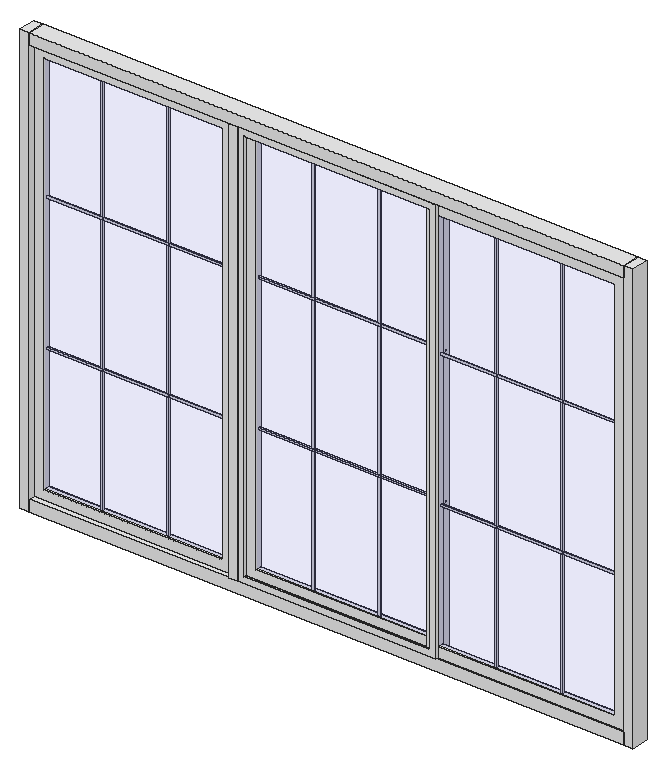
Revit family "Door_Curtain_Wall-Sliding-Traco-TR-8303", category Curtain Panels, Revit 2015
Parameters (values of type "TR-8303")
  Water Resistance = 12.0000 psf
  Uniform Load Structural = 75.0000 psf
  Uniform Load Deflection = 50.0000 psf
  Sill Type = Door_Frame-Sliding-(TR-8303) : 12 PSF Sill
  Show Symbolic Arrow [instance] = yes
  Screen Type = Screen-Exterior-Traco-Half : Standard Screen
  Product data url = "https://bimobject.com/kawneerna/product/83005"
  Product Page URL = "http://www.alcoa.com/traco/en/product.asp?cat_id=1911&prod_id=4257"
  Product Documentation Link = "http://www.alcoa.com/traco/en/cad_spec.asp?cat_id=1911&prod_id=4257&area=prod"
  Panel Width [instance] = (Door Width / 3) - 0' 1 5/8"  # 4' - 4 1/8"
  Panel Material [instance] = Aluminum - Traco - Anodized - Gray
  Panel Height [instance] = Door Height - 0' 6"  # 8' - 11"
  Muntin Type = Muntin-Grid-Traco-Lites : Interior
  Has Screen [instance] = yes
  Has Muntins [instance] = yes
  Glass Material [instance] = Glass - Traco - Clear
  Frame Material [instance] = Aluminum - Traco - Anodized - Gray
  Door Width [instance] = if(CTRL Opening Width < Door Width Minimum, Door Width Minimum, if(CTRL Opening Width > Door Width Maximum, Door Width Maximum, CTRL Opening Width))  # 13' - 5 1/4"
  Door Height [instance] = if(CTRL Opening Height < Door Height Minimum, Door Height Minimum, if(CTRL Opening Height > Door Height Maximum, Door Height Maximum, CTRL Opening Height))  # 9' - 5"
  Copyright © = "2011 Traco"  # constant formula
  CTRL Symbolic Arrow Placement Height [instance] = (Panel Height / 2) + 0' 1 1/2"  # 4' - 7"
  CTRL Symbolic Arrow Inset [instance] = (Panel Width / 2) - 0' 9 3/8"  # 1' - 4 11/16"
  CTRL Opening Width [instance] = 13' - 5 1/4"
  URL = "http://www.alcoa.com/traco/en/home.asp"
  U Factor = ".43*"
  Type Comments = "Door"
  Test Size = "187\" X 96\""
  Stationary Panel Width [instance] = (Door Width / 3) - 0' 1 1/8"  # 4' - 4 5/8"
  Right Panel Inset = 0' - 1 7/16"  # constant formula
  Model = "TR-8303"
  Middle Panel Inset = 0' - 3 3/16"  # constant formula
  Manufacturer = " Traco"  # constant formula
  CTRL Opening Height [instance] = 9' - 5"
  Forced Entry Resistance = "TYPE B: GRADE 10"
  Door Width Minimum [instance] = 6' - 0"
  Door Width Maximum [instance] = 16' - 0"
  Door Height Minimum [instance] = 6' - 0"
  Door Height Maximum [instance] = 10' - 0"
  Designation = "AAMA/WDMA/CSA 101/I.S.2/A-440-05: HS-C50 And AAMA/WDMA/CSA 101/I.S.2/A-440-08"
  Description = "3 Panel"
  Condensation Resistance = ""
  Assembly Code = "B2020220"
  Allowable Air Infiltration Maximum = "0.3 @ 6.2 PSF"
Reference planes (in)
  plane 1 "Front": y = 0
  plane 2 "Bottom": z = 0
  plane 3 "Center (Left/Right)": x = -53.10417
  plane 4 "Left": x = -133.72917
  plane 5 "Right": x = 27.52083
  plane 6 "Top": z = 113
  plane 7 "Left Panel Center F_B": y = 2.3125
  plane 8 "Middle Panel Center F_B": y = 3.1875
  plane 9 "Right Panel Center F_B": y = 1.4375
  plane 10 "Panel Left": x = -133.72917
  plane 11 "Panel Right": x = 27.52083
  plane 12 "Back": y = 4.625
  plane 13 "Left Inset": x = -131.35417
  plane 14 "Panel Bottom": z = 3
  plane 15 "Right Inset": x = 25.14583
  plane 16 "Right Panel Left": x = -26.97917
  plane 17 "Middle Panel Right": x = -24.22917
  plane 18 "Door Center (Left/Right)": x = -53.10417
Text (in)
  text "Exterior" at (-201.42468, -15.21883, 0), in view "Ref. Level"
  text "Exterior" at (480, 41.53993, 89.60405), in view "Right"
  text "Exterior" at (-240, 57.82419, 105.78864), in view "Left"
Dimensions and locks (in)
  equal spacing: plane 4 "Left", plane 3 "Center (Left/Right)", plane 5 "Right"
  "CTRL Opening Width": plane 4 "Left" to plane 5 "Right"
  "CTRL Opening Height": plane 6 "Top" to plane 2 "Bottom"
  "Door Width": plane 10 "Panel Left" to plane 11 "Panel Right"
  locked: plane 1 "Front" to plane 12 "Back" at 4.625
  locked: plane 10 "Panel Left" to plane 13 "Left Inset" at 2.375
  locked: plane 14 "Panel Bottom" to plane 2 "Bottom" at 3
  locked: plane 11 "Panel Right" to plane 15 "Right Inset" at 2.375
  "Panel Width": plane 15 "Right Inset" to plane 16 "Right Panel Left"
  locked: plane 17 "Middle Panel Right" to plane 16 "Right Panel Left" at 2.75
  equal spacing: plane 1 "Front", plane 7 "Left Panel Center F_B", plane 12 "Back"
  "Middle Panel Inset": plane 1 "Front" to plane 8 "Middle Panel Center F_B"
  "Right Panel Inset": plane 1 "Front" to plane 9 "Right Panel Center F_B"
  equal spacing: plane 10 "Panel Left", plane 18 "Door Center (Left/Right)", plane 11 "Panel Right"
  locked: plane 4 "Left" to plane 10 "Panel Left"
  aligned and locked: level to plane 2 "Bottom"
  aligned: nested 2 to nested 16
  aligned and locked: plane 1 "Front" to nested 20
  aligned and locked: nested 1 to plane 8 "Middle Panel Center F_B"
  aligned and locked: plane 7 "Left Panel Center F_B" to nested 3
  aligned and locked: nested 2 to plane 9 "Right Panel Center F_B"
  aligned and locked: nested 3 to plane 14 "Panel Bottom"
  aligned and locked: plane 13 "Left Inset" to nested 3
  aligned and locked: plane 14 "Panel Bottom" to nested 1
  aligned and locked: plane 14 "Panel Bottom" to nested 2
  aligned and locked: plane 15 "Right Inset" to nested 2
  aligned and locked: plane 17 "Middle Panel Right" to nested 1
  aligned and locked: nested 10 to plane 14 "Panel Bottom"
  aligned and locked: nested 15 to plane 14 "Panel Bottom"
  aligned and locked: plane 14 "Panel Bottom" to nested 5
  aligned and locked: plane 13 "Left Inset" to nested 5
  aligned: nested 10 to plane 16 "Right Panel Left"
  aligned: nested 15 to plane 15 "Right Inset"
  aligned: plane 17 "Middle Panel Right" to nested 15
  aligned and locked: nested 10 to plane 17 "Middle Panel Right"
  aligned and locked: plane 16 "Right Panel Left" to nested 15
  aligned and locked: nested 4 to plane 14 "Panel Bottom"
  aligned and locked: nested 4 to plane 17 "Middle Panel Right"
  aligned and locked: plane 10 "Panel Left" to nested 20
  aligned and locked: plane 2 "Bottom" to nested 21
  aligned and locked: nested 21 to nested 4
Nested families (in)
  nested 1: "Door-Glass_Panel-Traco-(TR-8303)" at (-40.35417, 4.0625, 3) x (-1, 0, 0) z (0, 0, 1), Width <- "Panel Width", Height <- "Panel Height", Panel Material <- "Panel Material", Glass Material <- "Glass Material", type "S", detail levels fine
    with built-in parameter 1001301 4' - 4 1/8", built-in parameter 1001302 0' - 1 3/4", Slide Indicator yes, Panel Offset 0' - 4 1/4", Panel Material Aluminum - Traco - Anodized - Gray, Panel Finish none, built-in parameter 1001300 8' - 11", Glazing "Low E-Argon", Glass Material Glass - Traco - Clear, Stile Right 0' - 2 3/4", Stile Left 0' - 2 3/4", Rail Head 0' - 2 9/16", Rail Bottom 0' - 2 9/16"
  nested 2: "Door-Glass_Panel-Traco-(TR-8303)" at (9.02083, 2.3125, 3) x (-1, 0, 0) z (0, 0, 1), Width <- "Panel Width", Height <- "Panel Height", Glass Material <- "Glass Material", Panel Material <- "Panel Material", type "S", detail levels fine
    with built-in parameter 1001301 4' - 4 1/8", built-in parameter 1001302 0' - 1 3/4", Slide Indicator no, Panel Offset 0' - 4 1/4", Panel Material Aluminum - Traco - Anodized - Gray, Panel Finish none, built-in parameter 1001300 8' - 11", Glazing "Low E-Argon", Glass Material Glass - Traco - Clear, Stile Right 0' - 2 3/4", Stile Left 0' - 2 3/4", Rail Head 0' - 2 9/16", Rail Bottom 0' - 2 9/16"
  nested 3: "Door-Glass_Panel-Traco-(TR-8303)" at (-95.35417, 1.4375, 3) x (-1, 0, 0) z (0, 0, 1), Width <- "Stationary Panel Width", Height <- "Panel Height", Panel Material <- "Panel Material", Glass Material <- "Glass Material", type "S", detail levels fine
    with built-in parameter 1001301 4' - 4 5/8", built-in parameter 1001302 0' - 1 3/4", Slide Indicator no, Panel Offset 0' - 4 1/4", Panel Material Aluminum - Traco - Anodized - Gray, Panel Finish none, built-in parameter 1001300 8' - 11", Glazing "Low E-Argon", Glass Material Glass - Traco - Clear, Stile Right 0' - 2 3/4", Stile Left 0' - 2 3/4", Rail Head 0' - 2 9/16", Rail Bottom 0' - 2 9/16"
  nested 4: "Screen-Exterior-Traco-Half" at (-49.29167, 0, 56.5) x (1, 0, 0) z (0, 1, 0), Width <- "Panel Width", Height <- "Panel Height", type <- "Screen Type", visible <- "Has Screen", type "Standard Screen"
    with Width 4' - 4 1/8", Screen Offset 0' - 0", Height 8' - 11", CTRL Width 4' - 4 1/8", CTRL Height 8' - 11", Frame Thickness 0' - 0 9/16"
  nested 5: "Muntin-Grid-Traco-Lites" at (-105.29167, 2.3125, 56.5) x (-1, 0, 0) z (0, -1, 0), Length <- "Panel Width", Sash Height <- "Panel Height", type <- "Muntin Type", visible <- "Has Muntins", type "Interior"
    with Sash Height 8' - 11", Material Aluminum - Traco - Anodized - Gray, Length 4' - 4 1/8", Glazing Thickness 0' - 0 7/8", CTRL Muntin Vertical Distance 2' - 11.66667", CTRL Muntin Horizontal Distance 1' - 5 3/8", CTRL Face Offset 0' - 0 1/4", CTRL Bar Vertical Visibility no, CTRL Bar Horizontal Visibility no, CTRL Array Vertical Visibility yes, CTRL Array Horizontal Visibility yes, Has Interior Muntins yes, Has Exterior Muntins no
  nested 6: "Muntin-Trapezoid-Traco-Single" at (-113.97917, 2.5, 56.5) x (0, 0, 1) z (0, -1, 0), type "Standard Colonial"
    with Material Aluminum - Traco - Anodized - Gray, Length 8' - 11", Width Top 0' - 0 9/16", Width Base 0' - 0 9/16", Height 0' - 0 5/16"
  nested 7: "Muntin-Trapezoid-Traco-Single" at (-105.29167, 2.5, 38.66667) x (1, 0, 0) z (0, -1, 0), type "Standard Colonial"
    with Material Aluminum - Traco - Anodized - Gray, Length 4' - 4 1/8", Width Top 0' - 0 9/16", Width Base 0' - 0 9/16", Height 0' - 0 5/16"
  nested 8: "Muntin-Trapezoid-Traco-Single" at (-96.60417, 2.5, 56.5) x (0, 0, 1) z (0, -1, 0), type "Standard Colonial"
    with Material Aluminum - Traco - Anodized - Gray, Length 8' - 11", Width Top 0' - 0 9/16", Width Base 0' - 0 9/16", Height 0' - 0 5/16"
  nested 9: "Muntin-Trapezoid-Traco-Single" at (-105.29167, 2.5, 74.33333) x (1, 0, 0) z (0, -1, 0), type "Standard Colonial"
    with Material Aluminum - Traco - Anodized - Gray, Length 4' - 4 1/8", Width Top 0' - 0 9/16", Width Base 0' - 0 9/16", Height 0' - 0 5/16"
  nested 10: "Muntin-Grid-Traco-Lites" at (-50.29167, 3.1875, 56.5) x (-1, 0, 0) z (0, -1, 0), Length <- "Panel Width", Sash Height <- "Panel Height", type <- "Muntin Type", visible <- "Has Muntins", type "Interior"
    with Sash Height 8' - 11", Material Aluminum - Traco - Anodized - Gray, Length 4' - 4 1/8", Glazing Thickness 0' - 0 7/8", CTRL Muntin Vertical Distance 2' - 11.66667", CTRL Muntin Horizontal Distance 1' - 5 3/8", CTRL Face Offset 0' - 0 1/4", CTRL Bar Vertical Visibility no, CTRL Bar Horizontal Visibility no, CTRL Array Vertical Visibility yes, CTRL Array Horizontal Visibility yes, Has Interior Muntins yes, Has Exterior Muntins no
  nested 11: "Muntin-Trapezoid-Traco-Single" at (-58.97917, 3.375, 56.5) x (0, 0, -1) z (0, -1, 0), type "Standard Colonial"
    with Material Aluminum - Traco - Anodized - Gray, Length 8' - 11", Width Top 0' - 0 9/16", Width Base 0' - 0 9/16", Height 0' - 0 5/16"
  nested 12: "Muntin-Trapezoid-Traco-Single" at (-50.29167, 3.375, 74.33333) x (1, 0, 0) z (0, -1, 0), type "Standard Colonial"
    with Material Aluminum - Traco - Anodized - Gray, Length 4' - 4 1/8", Width Top 0' - 0 9/16", Width Base 0' - 0 9/16", Height 0' - 0 5/16"
  nested 13: "Muntin-Trapezoid-Traco-Single" at (-41.60417, 3.375, 56.5) x (0, 0, -1) z (0, -1, 0), type "Standard Colonial"
    with Material Aluminum - Traco - Anodized - Gray, Length 8' - 11", Width Top 0' - 0 9/16", Width Base 0' - 0 9/16", Height 0' - 0 5/16"
  nested 14: "Muntin-Trapezoid-Traco-Single" at (-50.29167, 3.375, 38.66667) x (1, 0, 0) z (0, -1, 0), type "Standard Colonial"
    with Material Aluminum - Traco - Anodized - Gray, Length 4' - 4 1/8", Width Top 0' - 0 9/16", Width Base 0' - 0 9/16", Height 0' - 0 5/16"
  nested 15: "Muntin-Grid-Traco-Lites" at (-0.91667, 1.4375, 56.5) x (-1, 0, 0) z (0, -1, 0), Sash Height <- "Panel Height", Length <- "Panel Width", type <- "Muntin Type", visible <- "Has Muntins", type "Interior"
    with Sash Height 8' - 11", Material Aluminum - Traco - Anodized - Gray, Length 4' - 4 1/8", Glazing Thickness 0' - 0 7/8", CTRL Muntin Vertical Distance 2' - 11.66667", CTRL Muntin Horizontal Distance 1' - 5 3/8", CTRL Face Offset 0' - 0 1/4", CTRL Bar Vertical Visibility no, CTRL Bar Horizontal Visibility no, CTRL Array Vertical Visibility yes, CTRL Array Horizontal Visibility yes, Has Interior Muntins yes, Has Exterior Muntins no
  nested 16: "Muntin-Trapezoid-Traco-Single" at (-9.60417, 1.625, 56.5) x (0, 0, -1) z (0, -1, 0), type "Standard Colonial"
    with Material Aluminum - Traco - Anodized - Gray, Length 8' - 11", Width Top 0' - 0 9/16", Width Base 0' - 0 9/16", Height 0' - 0 5/16"
  nested 17: "Muntin-Trapezoid-Traco-Single" at (-0.91667, 1.625, 74.33333) x (1, 0, 0) z (0, -1, 0), type "Standard Colonial"
    with Material Aluminum - Traco - Anodized - Gray, Length 4' - 4 1/8", Width Top 0' - 0 9/16", Width Base 0' - 0 9/16", Height 0' - 0 5/16"
  nested 18: "Muntin-Trapezoid-Traco-Single" at (7.77083, 1.625, 56.5) x (0, 0, -1) z (0, -1, 0), type "Standard Colonial"
    with Material Aluminum - Traco - Anodized - Gray, Length 8' - 11", Width Top 0' - 0 9/16", Width Base 0' - 0 9/16", Height 0' - 0 5/16"
  nested 19: "Muntin-Trapezoid-Traco-Single" at (-0.91667, 1.625, 38.66667) x (1, 0, 0) z (0, -1, 0), type "Standard Colonial"
    with Material Aluminum - Traco - Anodized - Gray, Length 4' - 4 1/8", Width Top 0' - 0 9/16", Width Base 0' - 0 9/16", Height 0' - 0 5/16"
  nested 20: "Door_Frame-Sliding-(TR-8303)" at (-53.10417, 2.3125, 0), type "12 PSF Sill"
    with Two Panel Door Width 8' - 10 1/4", Door Width 13' - 5 1/4", Door Height 9' - 5"
  nested 21: "Symbolic_Opening_Arrow-Traco" at (-57.35417, 0, 42) x (1, 0, 0) z (0, -1, 0), Placement Height <- "CTRL Symbolic Arrow Placement Height", Inset <- "CTRL Symbolic Arrow Inset", visible <- "Show Symbolic Arrow", type "Typical"
    with Placement Height 4' - 7", Inset 1' - 4 11/16"
Definition of nested family "Door-Glass_Panel-Traco-(TR-8303)"
  Parameters
    Width [instance] = 3' - 0"
    Visible Light Transmission = 0
    URL = "www.integratedcontentsolutions.com"
    U Value = 0
    Type Comments = "Panel theory and model developed by Integrated Content Solutions"  # constant formula
    Thickness [instance] = 0' - 1 3/4"
    Stile Right = 0' - 3 1/8"
    Stile Left = 0' - 3 1/8"
    Solar Heat Gain Coefficient = 0
    Slide Indicator [instance] = no
    Rail Head = 0' - 2 3/4"
    Rail Bottom = 0' - 2 3/4"
    R Value = 0
    Product Documentation Link = "www.integratedcontentsolutions.com"
    Panel Offset [instance] = 0' - 4 1/4"
    Panel Material [instance] = none
    Panel Finish [instance] = none
    Manufacturer = "Integrated Content Solutions"  # constant formula
    LEED Credit = ""
    Height [instance] = 7' - 0"
    Glazing [instance] = "Low E-Argon"
    Glass Material [instance] = none
    Function = 1
    Energy Star Zone = ""
    Copyright © = "Integrated Content Solutions © 2009"  # constant formula
    Assembly Code = "C1020110"
    Appear In Schedule = 0 = 1  # no
    Air Leakage = 0
  Reference planes (in)
    plane 1 "Exterior": y = 0
    plane 2 "Bottom": z = 0
    plane 3 "Strike": x = 0
    plane 4 "Interior": y = -1.75
    plane 5 "Hinge": x = 36
    plane 6 "Top": z = 84
    plane 7 "Panel Center of Thickness": y = -0.875
    plane 8 "Glass Interior": y = -1.375
    plane 9 "Glass Exterior": y = -0.375
    plane 10 "Left Inset": x = 3.125
    plane 11 "Right Inset": x = 32.875
    plane 12 "Top Inset": z = 81.25
    plane 13 "Bottom Inset": z = 2.75
  Forms (in)
    Extrusion 1, solid, material <- "Panel Material"
      sketch origin (0, 0, 0) x (1, 0, 0) y (0, 0, 1)
        loop
          line (0, 84) -> (0, 0) -> (36, 0) -> (36, 84) -> (0, 84)
        loop
          line (3.125, 81.25) -> (3.125, 2.75) -> (32.875, 2.75) -> (32.875, 81.25) -> (3.125, 81.25)
      from 0 to 1.75
    Extrusion 2, solid, material <- "Glass Material"
      sketch origin (0, -1.75, 0) x (1, 0, 0) y (0, 0, 1)
        loop
          line (3.125, 81.25) -> (3.125, 2.75) -> (32.875, 2.75) -> (32.875, 81.25) -> (3.125, 81.25)
      from -1.375 to -0.375
  Lines and regions (in)
    Masking region 1
      outline origin (0, 0, 84) x (-1, 0, 0) y (0, -1, 0)
        loop
          line (0, 1.75) -> (-36, 1.75) -> (-36, 0) -> (0, 0) -> (0, 1.75)
    Masking region 2
      outline origin (3.125, 0, 0) x (0, 1, 0) y (0, 0, 1)
        loop
          line (-1.75, 0) -> (0, 0) -> (0, 84) -> (-1.75, 84) -> (-1.75, 0)
    Masking region 3
      outline origin (0, -0.875, 0) x (-1, 0, 0) y (0, 0, 1)
        loop
          line (0, 0) -> (0, 84) -> (-36, 84) -> (-36, 0) -> (0, 0)
        loop
          line (-3.125, 2.75) -> (-3.125, 81.25) -> (-32.875, 81.25) -> (-32.875, 2.75) -> (-3.125, 2.75)
  Dimensions and locks (in)
    "Width": plane 3 "Strike" to plane 5 "Hinge"
    "Thickness": plane 4 "Interior" to plane 1 "Exterior"
    "Height": plane 6 "Top" to plane 2 "Bottom"
    "Stile Left": plane 10 "Left Inset" to plane 3 "Strike"
    "Stile Right": plane 5 "Hinge" to plane 11 "Right Inset"
    "Rail Bottom": plane 13 "Bottom Inset" to plane 2 "Bottom"
    "Rail Head": plane 6 "Top" to plane 12 "Top Inset"
    locked: plane 9 "Glass Exterior" to plane 8 "Glass Interior" at 1
    plane 9 "Glass Exterior" to plane 7 "Panel Center of Thickness" = 0' - 0 1/2"
    equal spacing: plane 4 "Interior", plane 7 "Panel Center of Thickness", plane 1 "Exterior"
    aligned and locked: plane 3 "Strike" to Extrusion 1 sketch curve
    aligned and locked: Extrusion 1 sketch curve to plane 6 "Top"
    aligned and locked: level to Extrusion 1 sketch curve
    aligned and locked: Extrusion 1 sketch curve to plane 5 "Hinge"
    aligned and locked: Extrusion 1 to plane 1 "Exterior"
    aligned and locked: plane 4 "Interior" to Extrusion 1
    aligned and locked: level to plane 2 "Bottom"
    aligned and locked: plane 10 "Left Inset" to Extrusion 1 sketch curve
    aligned and locked: Extrusion 1 sketch curve to plane 12 "Top Inset"
    aligned and locked: plane 13 "Bottom Inset" to Extrusion 1 sketch curve
    aligned and locked: Extrusion 1 sketch curve to plane 11 "Right Inset"
    aligned and locked: plane 10 "Left Inset" to Extrusion 2 sketch curve
    aligned and locked: Extrusion 2 sketch curve to plane 12 "Top Inset"
    aligned and locked: plane 13 "Bottom Inset" to Extrusion 2 sketch curve
    aligned and locked: Extrusion 2 sketch curve to plane 11 "Right Inset"
    aligned and locked: plane 9 "Glass Exterior" to Extrusion 2
    aligned and locked: Extrusion 2 to plane 8 "Glass Interior"
    aligned and locked: Masking region 1 sketch curve to plane 3 "Strike"
    aligned and locked: plane 4 "Interior" to Masking region 1 sketch curve
    aligned and locked: Masking region 1 sketch curve to plane 1 "Exterior"
    aligned and locked: plane 5 "Hinge" to Masking region 1 sketch curve
    aligned and locked: plane 6 "Top" to Masking region 2 sketch curve
    aligned and locked: plane 4 "Interior" to Masking region 2 sketch curve
    aligned and locked: Masking region 2 sketch curve to plane 1 "Exterior"
    aligned and locked: Masking region 2 sketch curve to plane 2 "Bottom"
    aligned and locked: plane 6 "Top" to Masking region 3 sketch curve
    aligned and locked: Masking region 3 sketch curve to plane 3 "Strike"
    aligned and locked: Masking region 3 sketch curve to plane 2 "Bottom"
    aligned and locked: plane 5 "Hinge" to Masking region 3 sketch curve
    aligned and locked: Masking region 3 sketch curve to plane 10 "Left Inset"
    aligned and locked: Masking region 3 sketch curve to plane 13 "Bottom Inset"
    aligned and locked: plane 11 "Right Inset" to Masking region 3 sketch curve
    aligned and locked: plane 12 "Top Inset" to Masking region 3 sketch curve
Definition of nested family "Screen-Exterior-Traco-Half"
  Parameters
    Width [instance] = 4' - 0"
    URL = "http://www.alcoa.com/traco/en/home.asp"
    Screen Offset [instance] = 0' - 1 1/2"
    Screen Material = none
    Product Page URL = ""
    Product Documentation Link = ""
    Model = ""
    Frame Material = none
    Manufacturer = "Traco"  # constant formula
    Height [instance] = 7' - 0"
    Frame Width = 0' - 1 1/2"
    Frame Thickness = 0' - 0 3/8"
    Default Elevation = 4' - 0"
    Copyright © = "2011 Traco"  # constant formula
    CTRL Width [instance] = Width  # 4' - 0"
    CTRL Height [instance] = Height  # 7' - 0"
    Assembly Code = "B2010300"
  Reference planes (in)
    plane 1 "Center (Front/Back)": y = 0
    plane 2 "Original Ref": z = 0
    plane 3 "Center (Left/Right)": x = -1
    plane 4 "Bottom": z = 1.5
    plane 5 "Front": y = -42
    plane 6 "Back": y = 42
    plane 7 "Left": x = -25
    plane 8 "Right": x = 23
    plane 9 "Back Inset": y = 40.5
    plane 10 "Left Inset": x = -23.5
    plane 11 "Right Inset": x = 21.5
    plane 12 "Top": z = 1.875
    plane 13 "Front Inset": y = -40.5
    plane 14 "Screen Bottom": z = 1.635
  Forms (in)
    Extrusion 1, solid
      sketch origin (0, 0, 0) x (1, 0, 0) y (0, 1, 0)
        loop
          line (-48, 48) -> (-48, -48) -> (48, -48) -> (48, 48) -> (-48, 48)
      from 0 to -12
    Extrusion 2, solid, material <- "Frame Material", detail levels medium+fine
      sketch origin (0, 0, 0) x (1, 0, 0) y (0, 1, 0)
        loop
          line (-25, 42) -> (-25, -42) -> (23, -42) -> (23, 42) -> (-25, 42)
        loop
          line (21.5, -40.5) -> (21.5, 40.5) -> (-23.5, 40.5) -> (-23.5, -40.5) -> (21.5, -40.5)
      from 1.5 to 1.875
    Extrusion 3, solid, material <- "Screen Material", detail levels medium+fine
      sketch origin (0, 0, 1.875) x (-1, 0, 0) y (0, -1, 0)
        loop
          line (-21.5, 40.5) -> (-21.5, -40.5) -> (23.5, -40.5) -> (23.5, 40.5) -> (-21.5, 40.5)
      from -0.24 to 0
  Lines and regions (in)
    Masking region 1, detail levels medium+fine
      outline origin (0, 0, 0) x (1, 0, 0) y (0, 0, 1)
        loop
          line (-25, 1.875) -> (-25, 1.5) -> (-23.5, 1.5) -> (-23.5, 1.875) -> (-25, 1.875)
        loop
          line (23, 1.5) -> (23, 1.875) -> (21.5, 1.875) -> (21.5, 1.5) -> (23, 1.5)
    Masking region 2
      outline origin (0, 0, 1.875) x (-1, 0, 0) y (0, -1, 0)
        loop
          line (-23, 42) -> (-23, -42) -> (25, -42) -> (25, 42) -> (-23, 42)
        loop
          line (23.5, -40.5) -> (23.5, 40.5) -> (-21.5, 40.5) -> (-21.5, -40.5) -> (23.5, -40.5)
    Masking region 3, detail levels medium+fine
      outline origin (-1, 0, 0) x (0, 1, 0) y (0, 0, 1)
        loop
          line (-42, 1.875) -> (-42, 1.5) -> (-40.5, 1.5) -> (-40.5, 1.875) -> (-42, 1.875)
        loop
          line (42, 1.5) -> (42, 1.875) -> (40.5, 1.875) -> (40.5, 1.5) -> (42, 1.5)
    model lines, detail levels coarse
      curve 1: line (-25, -42, 1.875) -> (23, -42, 1.875)
      curve 2: line (23, -42, 1.875) -> (23, 42, 1.875)
      curve 3: line (23, 42, 1.875) -> (-25, 42, 1.875)
      curve 4: line (-25, 42, 1.875) -> (-25, -42, 1.875)
    model lines, detail levels fine
      curve 5: line (-25, 42, 1.875) -> (-23.5, 40.5, 1.875)
      curve 6: line (21.5, 40.5, 1.875) -> (23, 42, 1.875)
      curve 7: line (-25, -42, 1.875) -> (-23.5, -40.5, 1.875)
      curve 8: line (21.5, -40.5, 1.875) -> (23, -42, 1.875)
    symbolic lines
      curve 9: line (21.5, 0, 1.635) -> (-23.5, 0, 1.635)
      curve 10: line (-1, 40.5, 1.635) -> (-1, -40.5, 1.635)
      curve 13: line (-23.5, -40.5, 1.875) -> (21.5, 40.5, 1.875)
    symbolic lines, detail levels medium+fine
      curve 11: line (-23.5, 0, 1.875) -> (-1, 40.5, 1.875)
      curve 12: line (-1, -40.5, 1.875) -> (21.5, 0, 1.875)
    symbolic lines, detail levels coarse
      curve 14: line (-23.5, 0, 1.635) -> (-23.5, 0, 1.5)
      curve 15: line (21.5, 0, 1.635) -> (21.5, 0, 1.5)
      curve 16: line (-1, -40.5, 1.5) -> (-1, -40.5, 1.635)
      curve 17: line (-1, 40.5, 1.5) -> (-1, 40.5, 1.635)
  Dimensions and locks (in)
    plane 4 "Bottom" to plane 2 "Original Ref" = 0' - 1 1/2"
    "CTRL Width": plane 7 "Left" to plane 8 "Right"
    "CTRL Height": plane 5 "Front" to plane 6 "Back"
    "Frame Width": plane 6 "Back" to plane 9 "Back Inset"
    "Frame Width": plane 7 "Left" to plane 10 "Left Inset"
    "Frame Width": plane 11 "Right Inset" to plane 8 "Right"
    "Frame Thickness": plane 12 "Top" to plane 4 "Bottom"
    "Frame Width": plane 5 "Front" to plane 13 "Front Inset"
    equal spacing: plane 7 "Left", plane 3 "Center (Left/Right)", plane 8 "Right"
    locked: plane 12 "Top" to plane 14 "Screen Bottom" at 0.24
    equal spacing: plane 5 "Front", plane 1 "Center (Front/Back)", plane 6 "Back"
    "Screen Offset": plane 4 "Bottom" to plane 2 "Original Ref"
    aligned and locked: plane 2 "Original Ref" to Extrusion 1
    aligned and locked: level to Extrusion 1
    aligned and locked: Masking region 1 sketch curve to plane 12 "Top"
    aligned and locked: plane 4 "Bottom" to Masking region 1 sketch curve
    aligned and locked: Masking region 1 sketch curve to plane 7 "Left"
    aligned and locked: Masking region 2 sketch curve to plane 6 "Back"
    aligned and locked: Masking region 2 sketch curve to plane 7 "Left"
    aligned and locked: Masking region 2 sketch curve to plane 5 "Front"
    aligned and locked: Masking region 2 sketch curve to plane 8 "Right"
    aligned and locked: Masking region 2 sketch curve to plane 11 "Right Inset"
    aligned and locked: Masking region 2 sketch curve to plane 10 "Left Inset"
    aligned and locked: Masking region 2 sketch curve to plane 9 "Back Inset"
    aligned and locked: Masking region 2 sketch curve to plane 13 "Front Inset"
    aligned and locked: Extrusion 2 sketch curve to plane 9 "Back Inset"
    aligned and locked: Extrusion 2 sketch curve to plane 6 "Back"
    aligned and locked: Extrusion 2 sketch curve to plane 11 "Right Inset"
    aligned and locked: Extrusion 2 sketch curve to plane 8 "Right"
    aligned and locked: Extrusion 2 sketch curve to plane 10 "Left Inset"
    aligned and locked: Extrusion 2 sketch curve to plane 7 "Left"
    aligned and locked: Extrusion 2 sketch curve to plane 13 "Front Inset"
    aligned and locked: Extrusion 2 sketch curve to plane 5 "Front"
    aligned and locked: plane 12 "Top" to Extrusion 2
    aligned and locked: Extrusion 2 to plane 4 "Bottom"
    aligned and locked: curve 1 to Extrusion 2
    aligned and locked: curve 2 to Extrusion 2
    aligned and locked: curve 4 to Extrusion 2
    aligned and locked: Masking region 1 sketch curve to plane 8 "Right"
    aligned and locked: Masking region 3 sketch curve to plane 6 "Back"
    aligned and locked: Masking region 3 sketch curve to plane 5 "Front"
    aligned and locked: Masking region 3 sketch curve to plane 12 "Top"
    aligned and locked: Masking region 3 to plane 4 "Bottom"
    aligned and locked: plane 11 "Right Inset" to curve 8
    aligned and locked: plane 10 "Left Inset" to curve 7
    aligned and locked: plane 7 "Left" to curve 7
    aligned and locked: plane 10 "Left Inset" to curve 5
    aligned and locked: plane 11 "Right Inset" to curve 6
    aligned and locked: plane 5 "Front" to curve 8
    aligned and locked: plane 13 "Front Inset" to curve 8
    aligned and locked: plane 9 "Back Inset" to curve 6
    aligned and locked: plane 9 "Back Inset" to curve 5
    aligned and locked: plane 8 "Right" to curve 3
    aligned and locked: Extrusion 3 sketch curve to plane 9 "Back Inset"
    aligned and locked: Extrusion 3 sketch curve to plane 10 "Left Inset"
    aligned and locked: Extrusion 3 sketch curve to plane 13 "Front Inset"
    aligned and locked: Extrusion 3 sketch curve to plane 11 "Right Inset"
    aligned and locked: Extrusion 3 to plane 14 "Screen Bottom"
    aligned and locked: plane 12 "Top" to Extrusion 3
    aligned and locked: Masking region 1 sketch curve to plane 10 "Left Inset"
    aligned and locked: Masking region 1 sketch curve to plane 11 "Right Inset"
    aligned and locked: plane 11 "Right Inset" to curve 9
    aligned and locked: plane 14 "Screen Bottom" to curve 9
    aligned and locked: Masking region 3 sketch curve to plane 13 "Front Inset"
    aligned and locked: Masking region 3 sketch curve to plane 9 "Back Inset"
    aligned and locked: plane 13 "Front Inset" to curve 10
    aligned and locked: plane 9 "Back Inset" to curve 10
    aligned and locked: plane 14 "Screen Bottom" to curve 10
    aligned and locked: plane 6 "Back" to curve 6
    aligned and locked: plane 1 "Center (Front/Back)" to curve 12
    aligned and locked: plane 11 "Right Inset" to curve 12
    aligned and locked: plane 9 "Back Inset" to curve 11
    aligned and locked: plane 3 "Center (Left/Right)" to curve 11
    aligned and locked: plane 13 "Front Inset" to curve 12
    aligned and locked: plane 3 "Center (Left/Right)" to curve 12
    aligned and locked: plane 13 "Front Inset" to curve 13
    aligned and locked: plane 10 "Left Inset" to curve 11
    aligned and locked: plane 1 "Center (Front/Back)" to curve 11
    aligned and locked: plane 10 "Left Inset" to curve 14
    aligned and locked: plane 14 "Screen Bottom" to curve 14
    aligned and locked: plane 4 "Bottom" to curve 14
    aligned and locked: plane 14 "Screen Bottom" to curve 16
    aligned and locked: plane 4 "Bottom" to curve 16
    aligned and locked: curve 16 to plane 13 "Front Inset"
  Automatic sketch dimensions
    Extrusion 1 sketch curve to Extrusion 1 sketch curve = 8' - 0"  (x2)
    curve 15 to plane 4 "Bottom" = 0' - 0"
    Masking region 1 sketch curve to plane 4 "Bottom" = 0' - 0"
    Masking region 1 sketch curve to plane 12 "Top" = 0' - 0"
    Masking region 3 sketch curve to plane 4 "Bottom" = 0' - 0"  (x2)
    Masking region 3 sketch curve to plane 12 "Top" = 0' - 0"
    curve 17 to plane 4 "Bottom" = 0' - 0"
Definition of nested family "Muntin-Trapezoid-Traco-Single"
  Parameters
    Width Top = 0' - 0 7/16"
    Width Base = 0' - 1"
    URL = "http://www.alcoa.com/traco/en/home.asp"
    Product Page URL = "http://www.alcoa.com/traco/en/product.asp?prod_id=4228"
    Product Documentation Link = "http://www.alcoa.com/traco/en/cad_spec.asp?prod_id=4228&area=prod"
    Material [instance] = none
    Manufacturer = "Traco"  # constant formula
    Length [instance] = 1' - 0"
    Height = 0' - 0 5/8"
    Description = "Trapezoidal Profile"
    Copyright © = "2011 Traco"  # constant formula
  Reference planes (in)
    plane 1 "Center (Front/Back)": y = 0
    plane 2 "Original Bottom": z = 0
    plane 3 "Center (Left/Right)": x = 0
    plane 4 "Left": x = -6
    plane 5 "Right": x = 6
    plane 6 "Back": y = 0.5
    plane 7 "Front": y = -0.5
    plane 8 "Back Inset": y = 0.21875
    plane 9 "Front Inset": y = -0.21875
    plane 10 "Top": z = 0.625
    plane 11 "Bottom": z = 0
  Forms (in)
    Sweep 1, solid, material <- "Material", detail levels medium+fine
      path origin (0, 0, 0) x (0, -1, 0) y (1, 0, 0)
        loop
          line (0, 6) -> (0, -6)
      profile origin (0, 0, 0) x (0, -1, 0) y (0, 0, 1)
        loop
          line (0.5, 0) -> (0.21875, 0.625) -> (-0.21875, 0.625) -> (-0.5, 0) -> (0.5, 0)
  Lines and regions (in)
    Masking region 1, detail levels medium+fine
      outline origin (0, 0, 0) x (0, 1, 0) y (0, 0, 1)
        loop
          line (0.5, 0) -> (0.21875, 0.625) -> (-0.21875, 0.625) -> (-0.5, 0) -> (0.5, 0)
    Masking region 2, detail levels medium+fine
      outline origin (0, 0, 0) x (1, 0, 0) y (0, 1, 0)
        loop
          line (6, -0.5) -> (6, 0.5) -> (-6, 0.5) -> (-6, -0.5) -> (6, -0.5)
    Masking region 3, detail levels medium+fine
      outline origin (0, 0, 0) x (1, 0, 0) y (0, 0, 1)
        loop
          line (6, 0) -> (6, 0.625) -> (-6, 0.625) -> (-6, 0) -> (6, 0)
    symbolic lines, detail levels coarse
      curve 1: line (0, 0, 0) -> (0, 0, 0.625)
      curve 2: line (-6, 0, 0) -> (6, 0, 0)
      curve 3: line (-6, 0, 0) -> (-6, 0, 0.625)
      curve 4: line (-6, 0, 0.625) -> (6, 0, 0.625)
      curve 5: line (6, 0, 0.625) -> (6, 0, 0)
    model lines, detail levels coarse
      curve 6: line (-6, 0, 0) -> (6, 0, 0)
  Dimensions and locks (in)
    equal spacing: plane 4 "Left", plane 3 "Center (Left/Right)", plane 5 "Right"
    "Length": plane 4 "Left" to plane 5 "Right"
    equal spacing: plane 6 "Back", plane 1 "Center (Front/Back)", plane 7 "Front"
    "Width Base": plane 7 "Front" to plane 6 "Back"
    equal spacing: plane 8 "Back Inset", plane 1 "Center (Front/Back)", plane 9 "Front Inset"
    "Width Top": plane 9 "Front Inset" to plane 8 "Back Inset"
    locked: plane 11 "Bottom" to plane 2 "Original Bottom" at 0
    "Height": plane 10 "Top" to plane 11 "Bottom"
    aligned and locked: plane 2 "Original Bottom" to level
    aligned and locked: plane 4 "Left" to Sweep 1 sketch curve
    aligned and locked: Sweep 1 sketch curve to plane 1 "Center (Front/Back)"
    aligned and locked: plane 5 "Right" to Sweep 1 sketch curve
    aligned and locked: plane 7 "Front" to Sweep 1 sketch curve
    aligned and locked: plane 11 "Bottom" to Sweep 1 sketch curve  (x2)
    aligned and locked: plane 6 "Back" to Sweep 1 sketch curve
    aligned and locked: plane 10 "Top" to Sweep 1 sketch curve
    aligned and locked: plane 8 "Back Inset" to Sweep 1 sketch curve
    aligned and locked: plane 9 "Front Inset" to Sweep 1 sketch curve
    aligned and locked: Sweep 1 sketch curve to plane 10 "Top"
    aligned and locked: Masking region 1 sketch curve to plane 11 "Bottom"
    aligned and locked: plane 10 "Top" to Masking region 1 sketch curve
    aligned and locked: plane 8 "Back Inset" to Masking region 1 sketch curve
    aligned and locked: plane 9 "Front Inset" to Masking region 1 sketch curve
    aligned and locked: plane 7 "Front" to Masking region 1 sketch curve
    aligned and locked: plane 6 "Back" to Masking region 1 sketch curve
    aligned and locked: curve 1 to plane 1 "Center (Front/Back)"
    aligned and locked: plane 11 "Bottom" to curve 1
    aligned and locked: plane 10 "Top" to curve 1
    aligned and locked: plane 4 "Left" to curve 2
    aligned and locked: plane 5 "Right" to curve 2
    aligned and locked: plane 1 "Center (Front/Back)" to curve 2
    aligned and locked: Masking region 2 sketch curve to plane 4 "Left"
    aligned and locked: Masking region 2 sketch curve to plane 5 "Right"
    aligned and locked: Masking region 2 sketch curve to plane 6 "Back"
    aligned and locked: Masking region 2 sketch curve to plane 7 "Front"
    aligned and locked: Masking region 3 sketch curve to plane 4 "Left"
    aligned and locked: Masking region 3 sketch curve to plane 5 "Right"
    aligned and locked: plane 11 "Bottom" to Masking region 3 sketch curve
    aligned and locked: Masking region 3 sketch curve to plane 10 "Top"
    aligned and locked: plane 11 "Bottom" to curve 3
    aligned and locked: plane 11 "Bottom" to curve 5
    aligned and locked: curve 5 to plane 5 "Right"
    aligned and locked: curve 3 to plane 4 "Left"
    aligned and locked: curve 4 to plane 10 "Top"
    aligned and locked: plane 5 "Right" to curve 6
    aligned and locked: plane 4 "Left" to curve 6
    aligned and locked: plane 1 "Center (Front/Back)" to curve 6
Definition of nested family "Door_Frame-Sliding-(TR-8303)"
  Parameters
    Two Panel Door Width = ((Door Width / 3) * 2) - 0' 1 1/4"  # 5' - 10.58333"
    Top Frame Thickness = 0' - 3"
    Frame Thickness = 0' - 2 3/8"
    Frame Material = none
    Frame Depth = 0' - 4 5/8"
    Door Width = 8' - 11 3/4"
    Door Height = 6' - 7 5/8"
    Bottom Frame Thickness = 0' - 3"
    Assembly Code = ""
  Reference planes (in)
    plane 1 "Center (Front/Back)": y = 0
    plane 2 "Bottom": z = 0
    plane 3 "Center (Left/Right)": x = 0
    plane 4 "Interior": y = 2.3125
    plane 5 "Exterior": y = -2.3125
    plane 6 "Left Side": x = -16.70833
    plane 7 "Right": x = 53.875
    plane 8 "Top of Frame": z = 79.625
    plane 9 "Inside Frame Left Side": x = -14.33333
    plane 10 "Inside Frame Right Side": x = 51.5
    plane 11 "Top Inset": z = 76.625
    plane 12 "Bottom Inset": z = 3
    plane 13 "Left": x = -53.875
    plane 14 "Left Inset": x = -51.5
    plane 15 "Middle Rail Center L_R": x = -15.52083
  Forms (in)
    Extrusion 1, solid, material <- "Frame Material"
      sketch origin (17, 0, 0) x (1, 0, 0) y (0, 0, 1)
        loop
          line (-70.875, 79.625) -> (-70.875, 0) -> (-68.5, 0) -> (-68.5, 79.625) -> (-70.875, 79.625)
        loop
          line (34.5, 79.625) -> (34.5, 0) -> (36.875, 0) -> (36.875, 79.625) -> (34.5, 79.625)
      from -2.3125 to 2.3125
    Extrusion 2, solid, material <- "Frame Material"
      sketch origin (17, 0, 0) x (1, 0, 0) y (0, 0, 1)
        loop
          line (34.5, 79.625) -> (-68.5, 79.625) -> (-68.5, 76.625) -> (34.5, 76.625) -> (34.5, 79.625)
        loop
          line (34.5, 0) -> (34.5, 3) -> (-68.5, 3) -> (-68.5, 0) -> (34.5, 0)
      from -2.3125 to 2.3125
    Extrusion 3, solid, material <- "Frame Material"
      sketch origin (17, 0, 0) x (1, 0, 0) y (0, 0, 1)
        loop
          line (-33.70833, 76.625) -> (-33.70833, 3) -> (-31.33333, 3) -> (-31.33333, 76.625) -> (-33.70833, 76.625)
      from 2.3125 to -2.3125
  Lines and regions (in)
    Masking region 1
      outline origin (0, 0, 79.625) x (-1, 0, 0) y (0, -1, 0)
        loop
          line (53.875, 2.3125) -> (-53.875, 2.3125) -> (-53.875, -2.3125) -> (53.875, -2.3125) -> (53.875, 2.3125)
    Masking region 2
      outline origin (0, 0, 0) x (0, 1, 0) y (0, 0, 1)
        loop
          line (-2.3125, 0) -> (2.3125, 0) -> (2.3125, 79.625) -> (-2.3125, 79.625) -> (-2.3125, 0)
    Masking region 3
      outline origin (0, 0, 0) x (1, 0, 0) y (0, 0, 1)
        loop
          line (-53.875, 0) -> (53.875, 0) -> (53.875, 79.625) -> (-53.875, 79.625) -> (-53.875, 0)
        loop
          line (-51.5, 3) -> (-16.70833, 3) -> (-16.70833, 76.625) -> (-51.5, 76.625) -> (-51.5, 3)
        loop
          line (-14.33333, 3) -> (51.5, 3) -> (51.5, 76.625) -> (-14.33333, 76.625) -> (-14.33333, 3)
    symbolic lines, detail levels medium+fine
      curve 1: line (-51.5, -2.3125, 79.625) -> (-51.5, 2.3125, 79.625)
      curve 2: line (51.5, -2.3125, 79.625) -> (51.5, 2.3125, 79.625)
      curve 3: line (-51.5, 0, 76.625) -> (-51.5, 0, 79.625)
      curve 4: line (51.5, 0, 76.625) -> (51.5, 0, 79.625)
      curve 5: line (-16.70833, 0, 76.625) -> (-14.33333, 0, 76.625)
      curve 6: line (-51.5, 0, 0) -> (-51.5, 0, 3)
      curve 7: line (-16.70833, 0, 3) -> (-14.33333, 0, 3)
      curve 8: line (51.5, 0, 3) -> (51.5, 0, 0)
  Dimensions and locks (in)
    equal spacing: plane 4 "Interior", plane 1 "Center (Front/Back)", plane 5 "Exterior"
    "Frame Depth": plane 4 "Interior" to plane 5 "Exterior"
    "Door Height": plane 8 "Top of Frame" to plane 2 "Bottom"
    "Top Frame Thickness": plane 8 "Top of Frame" to plane 11 "Top Inset"
    "Frame Thickness": plane 7 "Right" to plane 10 "Inside Frame Right Side"
    "Frame Thickness": plane 6 "Left Side" to plane 9 "Inside Frame Left Side"
    "Bottom Frame Thickness": plane 12 "Bottom Inset" to plane 2 "Bottom"
    "Frame Thickness": plane 13 "Left" to plane 14 "Left Inset"
    "Door Width": plane 7 "Right" to plane 13 "Left"
    equal spacing: plane 13 "Left", plane 3 "Center (Left/Right)", plane 7 "Right"
    equal spacing: plane 6 "Left Side", plane 15 "Middle Rail Center L_R", plane 9 "Inside Frame Left Side"
    "Two Panel Door Width": plane 7 "Right" to plane 6 "Left Side"
    plane 2 "Bottom" to Masking region 3 = 6' - 7 5/8"
    aligned and locked: level to plane 2 "Bottom"
    aligned and locked: Extrusion 1 sketch curve to plane 8 "Top of Frame"
    aligned and locked: Extrusion 1 sketch curve to plane 13 "Left"
    aligned and locked: level to Extrusion 1 sketch curve
    aligned and locked: plane 14 "Left Inset" to Extrusion 1 sketch curve
    aligned and locked: plane 4 "Interior" to Extrusion 1
    aligned and locked: plane 5 "Exterior" to Extrusion 1
    aligned and locked: Extrusion 2 sketch curve to plane 11 "Top Inset"
    aligned and locked: plane 14 "Left Inset" to Extrusion 2 sketch curve
    aligned and locked: Extrusion 2 sketch curve to plane 12 "Bottom Inset"
    aligned and locked: Extrusion 2 sketch curve to plane 14 "Left Inset"
    aligned and locked: plane 4 "Interior" to Extrusion 2
    aligned and locked: plane 5 "Exterior" to Extrusion 2
    aligned and locked: Extrusion 1 sketch curve to Extrusion 2
    aligned and locked: Extrusion 2 to Extrusion 3 sketch curve
    aligned and locked: Extrusion 3 sketch curve to plane 6 "Left Side"
    aligned and locked: plane 4 "Interior" to Extrusion 3
    aligned: plane 1 "Center (Front/Back)" to Extrusion 3
    aligned and locked: plane 13 "Left" to Masking region 1 sketch curve
    aligned and locked: plane 7 "Right" to Masking region 1 sketch curve
    aligned and locked: Masking region 1 sketch curve to plane 4 "Interior"
    aligned and locked: Masking region 1 sketch curve to plane 5 "Exterior"
    aligned and locked: plane 8 "Top of Frame" to Masking region 2 sketch curve
    aligned and locked: plane 5 "Exterior" to Masking region 2 sketch curve
    aligned and locked: plane 4 "Interior" to Masking region 2 sketch curve
    aligned and locked: Masking region 2 sketch curve to plane 2 "Bottom"
    aligned and locked: plane 13 "Left" to Masking region 3 sketch curve
    aligned and locked: plane 8 "Top of Frame" to Masking region 3 sketch curve
    aligned and locked: plane 7 "Right" to Masking region 3 sketch curve
    aligned and locked: Masking region 3 sketch curve to plane 2 "Bottom"
    aligned and locked: Masking region 3 sketch curve to plane 12 "Bottom Inset"  (x2)
    aligned and locked: plane 14 "Left Inset" to Masking region 3 sketch curve
    aligned and locked: plane 11 "Top Inset" to Masking region 3 sketch curve  (x2)
    aligned and locked: Masking region 3 sketch curve to plane 6 "Left Side"
    aligned and locked: plane 9 "Inside Frame Left Side" to Masking region 3 sketch curve
    aligned and locked: Masking region 3 sketch curve to plane 10 "Inside Frame Right Side"
    aligned and locked: curve 1 to plane 14 "Left Inset"
    aligned and locked: curve 2 to plane 10 "Inside Frame Right Side"
    aligned and locked: curve 6 to plane 14 "Left Inset"
    aligned and locked: curve 7 to plane 12 "Bottom Inset"
    aligned and locked: curve 3 to plane 14 "Left Inset"
    aligned and locked: curve 5 to plane 11 "Top Inset"
    aligned and locked: curve 4 to plane 10 "Inside Frame Right Side"
    aligned and locked: plane 10 "Inside Frame Right Side" to curve 8
    aligned and locked: plane 6 "Left Side" to curve 5
    aligned and locked: plane 9 "Inside Frame Left Side" to curve 5
    aligned and locked: plane 6 "Left Side" to curve 7
    aligned and locked: plane 9 "Inside Frame Left Side" to curve 7
    aligned and locked: plane 5 "Exterior" to Extrusion 3
  Automatic sketch dimensions
    plane 14 "Left Inset" to Extrusion 2 sketch curve = 0' - 0"
    Extrusion 2 sketch curve to level = 0' - 0"
    Extrusion 2 sketch curve to plane 8 "Top of Frame" = 0' - 0"
    plane 9 "Inside Frame Left Side" to Extrusion 3 sketch curve = 0' - 0"
    Extrusion 3 sketch curve to plane 12 "Bottom Inset" = 0' - 0"
    plane 10 "Inside Frame Right Side" to Extrusion 1 sketch curve = 0' - 0"
    Extrusion 1 sketch curve to plane 7 "Right" = 0' - 0"
    Extrusion 1 sketch curve to level = 0' - 0"
    plane 10 "Inside Frame Right Side" to Extrusion 2 sketch curve = 0' - 0"  (x2)
    curve 1 to plane 4 "Interior" = 0' - 0"
    plane 4 "Interior" to curve 2 = 0' - 0"
    plane 5 "Exterior" to curve 2 = 0' - 0"
    curve 1 to plane 5 "Exterior" = 0' - 0"
    curve 3 to plane 11 "Top Inset" = 0' - 0"
    curve 6 to plane 12 "Bottom Inset" = 0' - 0"
    curve 6 to level = 0' - 0"
    curve 8 to level = 0' - 0"
    curve 8 to plane 12 "Bottom Inset" = 0' - 0"
    curve 4 to plane 11 "Top Inset" = 0' - 0"
    curve 4 to plane 8 "Top of Frame" = 0' - 0"
    curve 3 to plane 8 "Top of Frame" = 0' - 0"
Definition of nested family "Muntin-Grid-Traco-Lites"
  Parameters
    URL = "http://www.alcoa.com/traco/en/home.asp"
    Sash Height [instance] = 4' - 0"
    Muntin Vertical Count = if((Lite Vertical Count - 1) < 2, 2, (Lite Vertical Count - 1))  # 2
    Muntin Type = Muntin-Trapezoid-Traco-Single : H-081
    Muntin Horizontal Count = if((Lite Horizontal Count - 1) < 2, 2, (Lite Horizontal Count - 1))  # 2
    Material [instance] = none
    Manufacturer = "Traco"  # constant formula
    Lite Vertical Count = 3
    Lite Horizontal Count = 3
    Length [instance] = 4' - 0"
    Has True Muntins = no
    Has Interior Muntins = no
    Has Exterior Muntins = yes
    Glazing Thickness [instance] = 0' - 0 7/8"
    Default Elevation = 4' - 0"
    Copyright © = "2011 Traco"  # constant formula
    CTRL Muntin Vertical Distance [instance] = Sash Height / (Lite Vertical Count)  # 1' - 4"
    CTRL Muntin Horizontal Distance [instance] = Length / (Lite Horizontal Count)  # 1' - 4"
    CTRL Face Offset [instance] = if(Has Interior Muntins, 0' 0 1/4", if(Has Exterior Muntins, Glazing Thickness, Glazing Thickness / 2))  # 0' - 0 7/8"
    CTRL Bar Vertical Visibility [instance] = Lite Vertical Count = 2  # no
    CTRL Bar Horizontal Visibility [instance] = Lite Horizontal Count = 2  # no
    CTRL Array Vertical Visibility [instance] = Lite Vertical Count > 2  # yes
    CTRL Array Horizontal Visibility [instance] = Lite Horizontal Count > 2  # yes
    Assembly Code = "B2020110"
  Reference planes (in)
    plane 1 "Center (Front/Back)": y = 0
    plane 2 "Original  Bottom": z = 0
    plane 3 "Center (Left/Right)": x = 0
    plane 4 "Left": x = -24
    plane 5 "Right": x = 24
    plane 6 "Bottom": z = 0.4375
    plane 7 "Glass Top": z = 0.4375
    plane 8 "Glass Bottom": z = -0.4375
    plane 9 "Back": y = 24
    plane 10 "Front": y = -24
    plane 11 "Bar 1 Vertical": y = -8
    plane 12 "Bar Last Vertical": y = 8
    plane 13 "Bar Last Horizontal": x = 8
    plane 14 "Bar 1 Horizontal": x = -8
  Forms (in)
    Extrusion 1, solid
      sketch origin (0, 0, 0) x (1, 0, 0) y (0, 1, 0)
        loop
          line (-48, 48) -> (-48, -48) -> (48, -48) -> (48, 48) -> (-48, 48)
      from 0 to -12
  Dimensions and locks (in)
    equal spacing: plane 4 "Left", plane 3 "Center (Left/Right)", plane 5 "Right"
    "Length": plane 4 "Left" to plane 5 "Right"
    "Glazing Thickness": plane 7 "Glass Top" to plane 8 "Glass Bottom"
    equal spacing: plane 9 "Back", plane 1 "Center (Front/Back)", plane 10 "Front"
    "Sash Height": plane 10 "Front" to plane 9 "Back"
    "CTRL Muntin Vertical Distance": plane 10 "Front" to plane 11 "Bar 1 Vertical"
    "CTRL Muntin Vertical Distance": plane 12 "Bar Last Vertical" to plane 9 "Back"
    "CTRL Muntin Horizontal Distance": plane 4 "Left" to plane 14 "Bar 1 Horizontal"
    "CTRL Muntin Horizontal Distance": plane 13 "Bar Last Horizontal" to plane 5 "Right"
    equal spacing: plane 7 "Glass Top", plane 2 "Original  Bottom", plane 8 "Glass Bottom"
    group 1 to group 2 = 0' - 0"  (x2)
    group 1 to group 2 = 1' - 4"
    group 3 to group 4 = 1' - 4"
    group 3 to group 4 = 0' - 0"  (x2)
    "CTRL Face Offset": plane 6 "Bottom" to plane 8 "Glass Bottom"
    aligned and locked: plane 2 "Original  Bottom" to Extrusion 1
    aligned and locked: level to Extrusion 1
    aligned and locked: plane 6 "Bottom" to nested 1
    aligned and locked: plane 6 "Bottom" to nested 3
    aligned and locked: plane 6 "Bottom" to nested 2
    aligned and locked: plane 6 "Bottom" to nested 4
    aligned and locked: nested 3 to plane 11 "Bar 1 Vertical"
    aligned and locked: nested 4 to plane 14 "Bar 1 Horizontal"
    aligned and locked: nested 3 to plane 3 "Center (Left/Right)"
    aligned and locked: plane 1 "Center (Front/Back)" to nested 4
    aligned and locked: plane 3 "Center (Left/Right)" to nested 2
    aligned and locked: nested 2 to plane 1 "Center (Front/Back)"
    aligned and locked: plane 1 "Center (Front/Back)" to nested 1
    aligned and locked: plane 3 "Center (Left/Right)" to nested 1
    aligned and locked: nested 5 to plane 3 "Center (Left/Right)"
    aligned and locked: plane 1 "Center (Front/Back)" to nested 6
    aligned and locked: plane 6 "Bottom" to nested 6
    aligned and locked: nested 5 to plane 12 "Bar Last Vertical"
    aligned and locked: nested 6 to plane 13 "Bar Last Horizontal"
    aligned and locked: plane 6 "Bottom" to nested 5
  Automatic sketch dimensions
    Extrusion 1 sketch curve to Extrusion 1 sketch curve = 8' - 0"  (x2)
  Nested families (in)
    nested 1: "Muntin-Trapezoid-Traco-Single" at (0, 0, 0.4375), Length <- "Length", visible <- "CTRL Bar Vertical Visibility", type <- "Muntin Type", Material <- "Material", type "H-081"
      with Material none, Length 4' - 0"
    nested 2: "Muntin-Trapezoid-Traco-Single" at (0, 0, 0.4375) x (0, 1, 0) z (0, 0, 1), Length <- "Sash Height", visible <- "CTRL Bar Horizontal Visibility", type <- "Muntin Type", Material <- "Material", type "H-081"
      with Material none, Length 4' - 0"
    nested 3: "Muntin-Trapezoid-Traco-Single" at (0, -8, 0.4375) x (-1, 0, 0) z (0, 0, 1), Length <- "Length", visible <- "CTRL Array Horizontal Visibility", type <- "Muntin Type", Material <- "Material", type "H-081"
      with Material none, Length 4' - 0"
    nested 4: "Muntin-Trapezoid-Traco-Single" at (-8, 0, 0.4375) x (0, -1, 0) z (0, 0, 1), Length <- "Sash Height", visible <- "CTRL Array Horizontal Visibility", type <- "Muntin Type", Material <- "Material", type "H-081"
      with Material none, Length 4' - 0"
    nested 5: "Muntin-Trapezoid-Traco-Single" at (0, 8, 0.4375) x (-1, 0, 0) z (0, 0, 1), Length <- "Length", visible <- "CTRL Array Horizontal Visibility", type <- "Muntin Type", Material <- "Material", type "H-081"
      with Material none, Length 4' - 0"
    nested 6: "Muntin-Trapezoid-Traco-Single" at (8, 0, 0.4375) x (0, -1, 0) z (0, 0, 1), Length <- "Sash Height", visible <- "CTRL Array Horizontal Visibility", type <- "Muntin Type", Material <- "Material", type "H-081"
      with Material none, Length 4' - 0"
  Definition of nested family "Muntin-Trapezoid-Traco-Single"
    Parameters
      Width Top = 0' - 0 7/16"
      Width Base = 0' - 1"
      URL = "http://www.alcoa.com/traco/en/home.asp"
      Product Page URL = "http://www.alcoa.com/traco/en/product.asp?prod_id=4228"
      Product Documentation Link = "http://www.alcoa.com/traco/en/cad_spec.asp?prod_id=4228&area=prod"
      Material [instance] = none
      Manufacturer = "Traco"  # constant formula
      Length [instance] = 1' - 0"
      Height = 0' - 0 5/8"
      Description = "Trapezoidal Profile"
      Copyright © = "2011 Traco"  # constant formula
    Reference planes (in)
      plane 1 "Center (Front/Back)": y = 0
      plane 2 "Original Bottom": z = 0
      plane 3 "Center (Left/Right)": x = 0
      plane 4 "Left": x = -6
      plane 5 "Right": x = 6
      plane 6 "Back": y = 0.5
      plane 7 "Front": y = -0.5
      plane 8 "Back Inset": y = 0.21875
      plane 9 "Front Inset": y = -0.21875
      plane 10 "Top": z = 0.625
      plane 11 "Bottom": z = 0
    Forms (in)
      Sweep 1, solid, material <- "Material", detail levels medium+fine
        path origin (0, 0, 0) x (0, -1, 0) y (1, 0, 0)
          loop
            line (0, 6) -> (0, -6)
        profile origin (0, 0, 0) x (0, -1, 0) y (0, 0, 1)
          loop
            line (0.5, 0) -> (0.21875, 0.625) -> (-0.21875, 0.625) -> (-0.5, 0) -> (0.5, 0)
    Lines and regions (in)
      Masking region 1, detail levels medium+fine
        outline origin (0, 0, 0) x (0, 1, 0) y (0, 0, 1)
          loop
            line (0.5, 0) -> (0.21875, 0.625) -> (-0.21875, 0.625) -> (-0.5, 0) -> (0.5, 0)
      Masking region 2, detail levels medium+fine
        outline origin (0, 0, 0) x (1, 0, 0) y (0, 1, 0)
          loop
            line (6, -0.5) -> (6, 0.5) -> (-6, 0.5) -> (-6, -0.5) -> (6, -0.5)
      Masking region 3, detail levels medium+fine
        outline origin (0, 0, 0) x (1, 0, 0) y (0, 0, 1)
          loop
            line (6, 0) -> (6, 0.625) -> (-6, 0.625) -> (-6, 0) -> (6, 0)
      symbolic lines, detail levels coarse
        curve 1: line (0, 0, 0) -> (0, 0, 0.625)
        curve 2: line (-6, 0, 0) -> (6, 0, 0)
        curve 3: line (-6, 0, 0) -> (-6, 0, 0.625)
        curve 4: line (-6, 0, 0.625) -> (6, 0, 0.625)
        curve 5: line (6, 0, 0.625) -> (6, 0, 0)
      model lines, detail levels coarse
        curve 6: line (-6, 0, 0) -> (6, 0, 0)
    Dimensions and locks (in)
      equal spacing: plane 4 "Left", plane 3 "Center (Left/Right)", plane 5 "Right"
      "Length": plane 4 "Left" to plane 5 "Right"
      equal spacing: plane 6 "Back", plane 1 "Center (Front/Back)", plane 7 "Front"
      "Width Base": plane 7 "Front" to plane 6 "Back"
      equal spacing: plane 8 "Back Inset", plane 1 "Center (Front/Back)", plane 9 "Front Inset"
      "Width Top": plane 9 "Front Inset" to plane 8 "Back Inset"
      locked: plane 11 "Bottom" to plane 2 "Original Bottom" at 0
      "Height": plane 10 "Top" to plane 11 "Bottom"
      aligned and locked: plane 2 "Original Bottom" to level
      aligned and locked: plane 4 "Left" to Sweep 1 sketch curve
      aligned and locked: Sweep 1 sketch curve to plane 1 "Center (Front/Back)"
      aligned and locked: plane 5 "Right" to Sweep 1 sketch curve
      aligned and locked: plane 7 "Front" to Sweep 1 sketch curve
      aligned and locked: plane 11 "Bottom" to Sweep 1 sketch curve  (x2)
      aligned and locked: plane 6 "Back" to Sweep 1 sketch curve
      aligned and locked: plane 10 "Top" to Sweep 1 sketch curve
      aligned and locked: plane 8 "Back Inset" to Sweep 1 sketch curve
      aligned and locked: plane 9 "Front Inset" to Sweep 1 sketch curve
      aligned and locked: Sweep 1 sketch curve to plane 10 "Top"
      aligned and locked: Masking region 1 sketch curve to plane 11 "Bottom"
      aligned and locked: plane 10 "Top" to Masking region 1 sketch curve
      aligned and locked: plane 8 "Back Inset" to Masking region 1 sketch curve
      aligned and locked: plane 9 "Front Inset" to Masking region 1 sketch curve
      aligned and locked: plane 7 "Front" to Masking region 1 sketch curve
      aligned and locked: plane 6 "Back" to Masking region 1 sketch curve
      aligned and locked: curve 1 to plane 1 "Center (Front/Back)"
      aligned and locked: plane 11 "Bottom" to curve 1
      aligned and locked: plane 10 "Top" to curve 1
      aligned and locked: plane 4 "Left" to curve 2
      aligned and locked: plane 5 "Right" to curve 2
      aligned and locked: plane 1 "Center (Front/Back)" to curve 2
      aligned and locked: Masking region 2 sketch curve to plane 4 "Left"
      aligned and locked: Masking region 2 sketch curve to plane 5 "Right"
      aligned and locked: Masking region 2 sketch curve to plane 6 "Back"
      aligned and locked: Masking region 2 sketch curve to plane 7 "Front"
      aligned and locked: Masking region 3 sketch curve to plane 4 "Left"
      aligned and locked: Masking region 3 sketch curve to plane 5 "Right"
      aligned and locked: plane 11 "Bottom" to Masking region 3 sketch curve
      aligned and locked: Masking region 3 sketch curve to plane 10 "Top"
      aligned and locked: plane 11 "Bottom" to curve 3
      aligned and locked: plane 11 "Bottom" to curve 5
      aligned and locked: curve 5 to plane 5 "Right"
      aligned and locked: curve 3 to plane 4 "Left"
      aligned and locked: curve 4 to plane 10 "Top"
      aligned and locked: plane 5 "Right" to curve 6
      aligned and locked: plane 4 "Left" to curve 6
      aligned and locked: plane 1 "Center (Front/Back)" to curve 6
Definition of nested family "Symbolic_Opening_Arrow-Traco"
  Parameters
    Placement Height [instance] = 3' - 4"
    Length = 1' - 8"
    Inset [instance] = 1' - 7"
    Arrow Length = 0' - 3"
    Arrow Height = 0' - 4"
  Reference planes (in)
    plane 1 "Center (Elevation)": y = -2
    plane 2: z = 0
    plane 3 "Left": x = 0
    plane 4 "Right": x = 20
    plane 5 "Reference Level": y = -42
    plane 6 "Right Inset": x = 17
    plane 7 "Top": y = 0
    plane 8 "Bottom": y = -4
    plane 9 "Left Anchor": x = -19
  Lines and regions (in)
    detail lines, in view "Ref. Level"
      curve 1: line (0, -2, 0) -> (20, -2, 0)
      curve 2: line (20, -2, 0) -> (17, 0, 0)
      curve 3: line (20, -2, 0) -> (17, -4, 0)
  Dimensions and locks (in)
    equal spacing: plane 8 "Bottom", plane 1 "Center (Elevation)", plane 7 "Top"
    "Arrow Height": plane 8 "Bottom" to plane 7 "Top"
    "Length": plane 3 "Left" to plane 4 "Right"
    "Arrow Length": plane 6 "Right Inset" to plane 4 "Right"
    "Inset": plane 9 "Left Anchor" to plane 3 "Left"
    "Placement Height": plane 1 "Center (Elevation)" to plane 5 "Reference Level"
    aligned and locked: plane 3 "Left" to curve 1
    aligned and locked: plane 1 "Center (Elevation)" to curve 1
    aligned and locked: plane 6 "Right Inset" to curve 3
    aligned and locked: plane 8 "Bottom" to curve 3
    aligned and locked: plane 1 "Center (Elevation)" to curve 2
    aligned and locked: plane 4 "Right" to curve 2
    aligned and locked: plane 7 "Top" to curve 2
    aligned and locked: plane 6 "Right Inset" to curve 2
